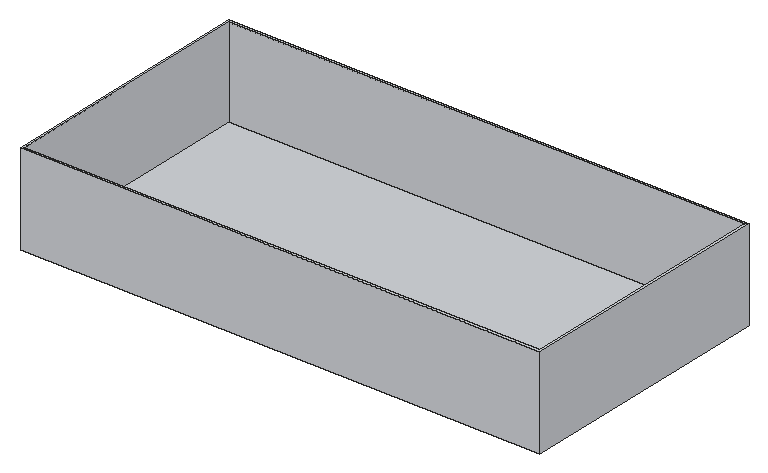
Revit family "Hager-Panelboard_800A_Cable_Spreader-empty-UK-en", category Electrical Equipment, host Face, Revit 2020
Family settings
  Host = Face
  Panel Configuration = Two Columns, Circuits Across
  Round Connector Dimension = Use Diameter
  Part Type = Panelboard
  Cut with Voids When Loaded = No
  Shared = No
  Room Calculation Point = No
Parameters (values of type "Surface mounted P2XC W900 H450 D158 0 Modular spacings - JF806E")
  Width Control [instance] = if([HG000006 - Flush mounted], if([EF000846 - Built-in width] > min_whd, [EF000846 - Built-in width], min_whd), if([EF000008 - Width] > min_whd, ([EF000008 - Width]), min_whd))  # 900 mm
  Void Depth [instance] = if([HG000006 - Flush mounted], Depth Control, 1 mm)  # 1 mm
  Type Comments = [HG000003 - Range]  # "Panelboards"
  System Height [instance] = Height Control - 2 * [HG000005 - Thickness]  # 444 mm
  Model = [HG000004 - Manufacturer reference]  # "JF806E"
  HG000017 - Distance between poles = 18 mm
  HG000016 - Door 3d visibility [instance] = yes
  HG000015 - Clearance visibility [instance] = no
  HG000014 - Door on the right [instance] = yes
  HG000013 - Door on the left [instance] = not([HG000014 - Door on the right])  # no
  HG000012 - Door swing angle [instance] = 45.00°
  HG000011 - Empty rows from bottom = no
  HG000010 - Asymmetric doors = no
  HG000009 - Double swing door = no
  HG000008 - Number of empty rows = 0
  HG000007 - Number of empty columns = 0
  HG000006 - Flush mounted = no
  HG000005 - Thickness = 3 mm  # constant formula
  HG000004 - Manufacturer reference = "JF806E"
  HG000003 - Range = "Panelboards"
  HG000002 - With door or cover = no
  HG000001 - Number of columns = 0
  EF015941 - Signal passing door = no
  EF015777 - Neutral terminal block = yes
  EF015776 - Earthing terminal block = yes
  EF009212 - Cover model = ""
  EF006306 - With lock = yes
  EF006244 - Transparent cover/door = no
  EF005474 - Degree of protection (IP) = "EV009848 - IP2XC"
  EF004462 - Type of closure = "EV001412 - Cylinder"
  EF002950 - Width in number of modular spacings = 0
  EF001596 - Material housing = "EV000179 - Steel"
  EF001134 - DIN-rail = no
  EF001131 - Internal depth = 0 mm
  EF001088 - Extension possible = no
  EF001062 - EMC-version = no
  EF000846 - Built-in width = 0 mm
  EF000339 - Type of cover = "EV004216 - Door"
  EF000332 - Built-in height = 0 mm
  EF000266 - Number of rows = 0
  EF000218 - Built-in depth = 0 mm
  EF000118 - With mounting plate = no
  EF000116 - RAL-number = ""
  EF000049 - Depth = 158 mm
  EF000040 - Height = 450 mm
  EF000008 - Width = 900 mm
  EF000007 - Colour = "EV000154 - Other"
  EF000003 - Mounting method = "EV000384 - Surface mounted (plaster)"
  Arrow Offset [instance] = Depth Control / 8  # 19.75 mm
  Arrow Height [instance] = Depth Control - Arrow Offset  # 138.25 mm
  Host Offset [instance] = if([HG000006 - Flush mounted], 0 mm, [EF000049 - Depth])  # 158 mm
  min_whd [instance] = (2 * [HG000005 - Thickness]) + 1 mm  # 7 mm
  Manufacturer = "Hager"  # constant formula
  Height Control [instance] = if([HG000006 - Flush mounted], if([EF000332 - Built-in height] > min_whd, [EF000332 - Built-in height], min_whd), if([EF000040 - Height] > min_whd, ([EF000040 - Height]), min_whd))  # 450 mm
  Flush Mounted - Door Frame Width [instance] = if(([EF000040 - Height] - [EF000332 - Built-in height]) > 0 mm, if([HG000006 - Flush mounted], [EF000040 - Height] - [EF000332 - Built-in height], 0 mm), 0 mm)  # 0 mm
  Depth Control [instance] = if([HG000006 - Flush mounted], if([EF000218 - Built-in depth] > 0 mm, [EF000218 - Built-in depth], 1 mm), if([EF000049 - Depth] > 0 mm, ([EF000049 - Depth]), 1 mm))  # 158 mm
  Default Elevation = 0 mm
Types (2, lengths in mm): name | System Height | Model | HG000004 - Manufacturer reference | EF001088 - Extension possible | EF000339 - Type of cover | EF000040 - Height | Height Control
  Surface mounted P2XC W900 H300 D158  Modular spacings - JF805E | 294 | "JF805E" | "JF805E" | yes | "EV001012 - Cover" | 300 | 300
  Surface mounted P2XC W900 H450 D158 0 Modular spacings - JF806E | 444 | "JF806E" | "JF806E" | no | "EV004216 - Door" | 450 | 450
Reference planes
  plane 1 "Center (Front/Back)": y = 0
  plane 2: z = 0
  plane 3 "Center (Left/Right)": x = 0
  plane 4: z = 158
  plane 5: y = 3
  plane 6: z = 153
  plane 7: y = 225
  plane 8: y = 0
  plane 9: y = 450
  plane 10: z = 0
  plane 11: x = -450
  plane 12: x = 450
  plane 13: x = 447
  plane 14: x = -447
  plane 15: y = 447
  plane 16: z = 3
  plane 17: z = 155
  plane 18: z = -1
  plane 19: z = 155
Forms (mm)
  Extrusion 1, solid
    sketch origin (-583.045, 0, 1219.2) x (-1, 0, 0) y (0, 0, 1)
      loop
        line (-133.045, -1061.2) -> (-1033.045, -1061.2) -> (-1033.045, -1219.2) -> (-133.045, -1219.2) -> (-133.045, -1061.2)
    from 0 to 450 <- "Height Control"
  Extrusion 2, void
    sketch origin (-381.607, -4572, 158) x (0, -1, 0) y (-1, 0, 0)
      loop
        line (-5019, 65.393) -> (-5019, -828.607) -> (-4575, -828.607) -> (-4575, 65.393) -> (-5019, 65.393)
    from 0 to 155
  Extrusion 3, void
    sketch origin (0, 0, 0) x (1, 0, 0) y (0, 1, 0)
      loop
        line (-450, 0) -> (450, 0) -> (450, 450) -> (-450, 450) -> (-450, 0)
    from -1 to 1
  Extrusion 4, solid, detail levels coarse+medium
    sketch origin (-381.607, -4572, 158) x (-1, 0, 0) y (0, -1, 0)
      loop
        line (65.393, -5019) -> (65.393, -4575) -> (-828.607, -4575) -> (-828.607, -5019) -> (65.393, -5019)
    from 0 to -3
Cuts and joins
  Extrusion 2 cuts Extrusion 1
Dimensions and locks
  plane 4 to plane 6 = 5 mm
  "Host Offset": plane 4 to host face
  "Flush Mounted - Door Frame Width": plane 1 "Center (Front/Back)" to plane 8
  "HG000005 - Thickness": plane 5 to plane 8
  locked: connector elem to plane 3 "Center (Left/Right)"
  "Height Control": plane 9 to plane 8
  equal spacing: plane 9, plane 7, plane 8
  locked: connector elem to plane 7
  "Depth Control": plane 4 to plane 10
  "HG000005 - Thickness": plane 11 to plane 14
  "HG000005 - Thickness": plane 12 to plane 13
  equal spacing: plane 11, plane 3 "Center (Left/Right)", plane 12
  "Width Control": plane 11 to plane 12
  "Arrow Offset": nested 4 to plane 10
  "HG000005 - Thickness": plane 9 to plane 15
  "HG000005 - Thickness": plane 16 to plane 10
  "HG000005 - Thickness": plane 4 to plane 17
  "Void Depth": plane 2 to plane 18
  "HG000005 - Thickness": plane 4 to plane 19
  aligned and locked: plane 2 to host face
  aligned and locked: level to host face
  aligned and locked: plane 3 "Center (Left/Right)" to nested 2
  aligned and locked: nested 2 to plane 4
  aligned and locked: nested 2 to plane 8
  aligned and locked: nested 1 to plane 6
  aligned and locked: nested 1 to plane 5
  aligned and locked: nested 4 to plane 11
  aligned and locked: nested 3 to plane 4
  aligned and locked: Extrusion 1 sketch curve to plane 12
  aligned and locked: Extrusion 1 sketch curve to plane 11
  aligned and locked: nested 3 to plane 10
  aligned and locked: plane 10 to Extrusion 1 sketch curve
  aligned and locked: Extrusion 2 sketch curve to plane 5
  aligned and locked: Extrusion 2 sketch curve to plane 15
  aligned and locked: Extrusion 2 sketch curve to plane 14
  aligned and locked: Extrusion 2 sketch curve to plane 13
  aligned and locked: plane 11 to Extrusion 3 sketch curve
  aligned and locked: plane 9 to Extrusion 3 sketch curve
  aligned and locked: Extrusion 3 sketch curve to plane 8
  aligned and locked: plane 12 to Extrusion 3 sketch curve
  aligned and locked: nested 3 to plane 12
  aligned and locked: Extrusion 3 to plane 18
  aligned and locked: Extrusion 2 to plane 16
  aligned and locked: Extrusion 1 sketch curve to plane 4
  aligned and locked: Extrusion 4 to plane 17
  aligned and locked: Extrusion 4 sketch curve to plane 15
  aligned and locked: Extrusion 4 sketch curve to plane 13
  aligned and locked: Extrusion 4 sketch curve to plane 14
  aligned and locked: Extrusion 4 sketch curve to plane 5
Automatic sketch dimensions
  host sketch curve to host sketch curve = 1469.727 mm
  host sketch curve to host sketch curve = 1434.803 mm
Nested families
  nested 1: "Hager_Enclosure_System" at (0, 3, 153) x (1, 0, 0) z (0, 1, 0), Depth <- "HG000005 - Thickness", Height <- "System Height", Width <- "EF000008 - Width", Border <- "HG000005 - Thickness", Flush_Mounted <- "HG000006 - Flush mounted", Built-in_Width <- "EF000846 - Built-in width", Row_Module_Multiplicator <- "EF002950 - Width in number of modular spacings", Total_No_Empty_Rows <- "HG000008 - Number of empty rows", Total_No_Rows <- "EF000266 - Number of rows", Empty_Columns <- "HG000007 - Number of empty columns", Width_Control <- "Width Control", Empty_Rows_From_Bottom <- "HG000011 - Empty rows from bottom", Distance_Between_Poles <- "HG000017 - Distance between poles", Rows_Count <- "EF000266 - Number of rows", Columns_Count <- "HG000001 - Number of columns", type "Hager_Enclosure_System", detail levels fine
    with Width_Control 900 mm, Width 900 mm, Total_No_Rows 0, Total_No_Empty_Rows 0, Total_No_Columns 1, System_Width 894 mm, Rows_Count 0, Rows_Column 0, Row_Module_Multiplicator 0, Panel_4 no, Panel_3 no, Panel_2 no, Panel_1 no, No_Panels_Ctrl 1, Hide_Columns yes, Height 444 mm, Flush_Mounted no, Empty_Rows_From_Bottom no, Empty_Rows_Column 0, Empty_Columns 0, Distance_Between_Poles 18 mm, Depth 3 mm, Columns_Count 0, Column_Width 894 mm, Built-in_Width 0 mm, Border 3 mm
  nested 2: "Hager_Enclosure_Door" at (0, 0, 158) x (1, 0, 0) z (0, 1, 0), Border <- "HG000005 - Thickness", Door_Right <- "HG000014 - Door on the right", Flush_Mounted <- "HG000006 - Flush mounted", Depth <- "EF000049 - Depth", Width <- "EF000008 - Width", Door_Left <- "HG000013 - Door on the left", 3d_Door <- "HG000016 - Door 3d visibility", BuiltIn_Width <- "EF000846 - Built-in width", BuiltIn_Height <- "EF000332 - Built-in height", BuiltIn_Depth <- "EF000218 - Built-in depth", Angle <- "HG000012 - Door swing angle", Assymetrical <- "HG000010 - Asymmetric doors", Double <- "HG000009 - Double swing door", Clearance <- "HG000015 - Clearance visibility", Transparent <- "EF006244 - Transparent cover/door", Door <- "HG000002 - With door or cover", Height_Ctrl <- "Height Control", Width_Ctrl <- "Width Control", Height <- "EF000040 - Height", type "Hager_Enclosure_Door", detail levels medium+fine
    with min_wh 7 mm, Width_Ctrl 900 mm, Width 900 mm, Transparent_Door_No_Bottom_Border no, Transparent no, Leaf_Width 891 mm, Leaf_Tolerance 1.5 mm, Leaf_Height 441 mm, Leaf_2_Width 891 mm, Leaf_2_Offset 445.5 mm, Leaf_1_Width 891 mm, Leaf_1_Offset 445.5 mm, Height_Ctrl 450 mm, Height 450 mm, Frame_Width_Ctrl 900 mm, Frame_Width 900 mm, Frame_Internal_Offset 0 mm, Frame_Height_Ctrl 450 mm, Frame_Height 450 mm, Frame_Depth_Ctrl 1 mm, Frame_Depth 0 mm, Flush_Mounted no, Double_Clearance_Ctrl no, Double no, Door_Right_Ctrl no, Door_Right yes, Door_Left_Ctrl no, Door_Left no, Door no, Depth 158 mm, Clearance_Depth 891 mm, Clearance_Ctrl no, Clearance no, BuiltIn_Width 0 mm, BuiltIn_Height 0 mm, BuiltIn_Depth 0 mm, Border 3 mm, Assymetrical no, Angle 45.00°, 3d_Door yes
  nested 3: "Hager_Enclosure_Symbol_Triangle" at (-450, 0, 0) x (1, 0, 0) z (0, -1, 0), Depth <- "Depth Control", Width <- "Width Control", type "Hager_Enclosure_Symbol_Triangle"
    with Width_Ctrl 900 mm, Width 900 mm, Depth_Ctrl 158 mm, Depth 158 mm
  nested 4: "Hager_Enclosure_Symbol_Arrow" at (-450, 0, 19.75) x (1, 0, 0) z (0, -1, 0), Height <- "Arrow Height", type "Hager_Enclosure_Symbol_Arrow"
    with Width_Inside 10.369 mm, Width 124.425 mm, Height_Ctrl 138.25 mm, Height 138.25 mm
Connectors
  electrical at (0, 225, 0)
    settings: on plane 10, index 1, voltage 0 V, apparent load 0 VA, apparent load phase1 0 VA, apparent load phase2 0 VA, apparent load phase3 0 VA, power factor 1, load classification "Other", number of poles 1, system type 30, power factor state 1, is connector primary yes, connector utility no, sub classification motor no, connector description ""
Definition of nested family "Hager_Enclosure_Door"
  Parameters (values of type "Hager_Enclosure_Door")
    min_wh [instance] = (2 * Border) + 1 mm  # 11 mm
    Width_Ctrl [instance] = 400 mm
    Width [instance] = 500 mm
    Transparent_Door_No_Bottom_Border [instance] = no
    Transparent [instance] = yes
    Leaf_Width [instance] = if((Width_Ctrl - 2 * Border - 2 * Leaf_Tolerance) > 0 mm, (Width_Ctrl - 2 * Border - 2 * Leaf_Tolerance), min_wh)  # 387 mm
    Leaf_Tolerance [instance] = 1.5 mm  # constant formula
    Leaf_Height [instance] = if((Height_Ctrl - 2 * Border - 2 * Leaf_Tolerance) > 0 mm, (Height_Ctrl - 2 * Border - 2 * Leaf_Tolerance), min_wh)  # 387 mm
    Leaf_2_Width [instance] = if(and(and(Double, Assymetrical), Door_Left), (Leaf_Width / 3) - (Leaf_Tolerance / 2), if(and(and(Double, Assymetrical), Door_Right), (Leaf_Width / 3) * 2 - (Leaf_Tolerance / 2), if(and(Double, not(Assymetrical)), (Leaf_Width / 2) - Leaf_Tolerance, Leaf_Width)))  # 387 mm
    Leaf_2_Offset [instance] = if(and(Double, Assymetrical), Leaf_2_Width / 2, if(and(Double, not(Assymetrical)), Leaf_Width / 4, Leaf_Width / 2))  # 193.5 mm
    Leaf_1_Width [instance] = if(and(and(Double, Assymetrical), Door_Right), (Leaf_Width / 3) - (Leaf_Tolerance / 2), if(and(and(Double, Assymetrical), Door_Left), (Width / 3) * 2 - (Leaf_Tolerance / 2), if(and(Double, not(Assymetrical)), (Leaf_Width / 2) - Leaf_Tolerance, Leaf_Width)))  # 387 mm
    Leaf_1_Offset [instance] = if(and(Double, Assymetrical), Leaf_1_Width / 2, if(and(Double, not(Assymetrical)), Leaf_Width / 4, Leaf_Width / 2))  # 193.5 mm
    Height_Ctrl [instance] = 400 mm
    Height [instance] = 500 mm
    Frame_Width_Ctrl [instance] = if(Frame_Width > 0 mm, Frame_Width, 1 mm)  # 1 mm
    Frame_Width [instance] = Width - BuiltIn_Width  # 0 mm
    Frame_Internal_Offset [instance] = if(Flush_Mounted, Border, 0 mm)  # 5 mm
    Frame_Height_Ctrl [instance] = if(Frame_Height > 0 mm, Frame_Height, 1 mm)  # 1 mm
    Frame_Height [instance] = Height - BuiltIn_Height  # 0 mm
    Frame_Depth_Ctrl [instance] = if(Frame_Depth > 0 mm, Frame_Depth, 1 mm)  # 1 mm
    Frame_Depth [instance] = if(Depth - BuiltIn_Depth > 0 mm, if(Flush_Mounted, Depth - BuiltIn_Depth, 0 mm), 0 mm)  # 0 mm
    Flush_Mounted [instance] = yes
    Double_Clearance_Ctrl [instance] = and(Double, Clearance)  # no
    Double [instance] = no
    Door_Right_Ctrl [instance] = and(or(Door_Right, Double), Door)  # yes
    Door_Right [instance] = yes
    Door_Left_Ctrl [instance] = and(or(Door_Left, Double), Door)  # no
    Door_Left [instance] = no
    Door [instance] = yes
    Depth [instance] = 500 mm
    Default Elevation = 1219.2 mm
    Clearance_Material = none
    Clearance_Depth [instance] = if(Leaf_1_Width > Leaf_2_Width, Leaf_1_Width, Leaf_2_Width)  # 387 mm
    Clearance_Ctrl [instance] = and(not(Double), Clearance)  # yes
    Clearance [instance] = yes
    BuiltIn_Width [instance] = 500 mm
    BuiltIn_Height [instance] = 500 mm
    BuiltIn_Depth [instance] = 500 mm
    Border [instance] = 5 mm
    Assymetrical [instance] = yes
    Angle [instance] = 30.00°
    3d_Door [instance] = yes
  Reference planes
    plane 1 "Center (Front/Back)": y = 0
    plane 2 "Bottom": z = 0
    plane 3 "Center (Left/Right)": x = 0
    plane 4: z = 400
    plane 5: x = -200
    plane 6: x = 200
    plane 7: z = 395
    plane 8: x = -195
    plane 9: z = 5
    plane 10: x = 195
    plane 11: y = 0
    plane 12: z = 6.5
    plane 13: x = -582
    plane 14: y = -387
    plane 15: x = 582
    plane 16: x = 0
    plane 17: x = 0
    plane 18: x = -193.5
    plane 19: x = 193.5
    plane 20: z = 393.5
  Forms (mm)
    Extrusion 1, solid, visible <- "Flush_Mounted"
      sketch origin (0, 0, 0) x (1, 0, 0) y (0, 0, 1)
        loop
          line (195, 5) -> (195, 395) -> (-195, 395) -> (-195, 5) -> (195, 5)
        loop
          line (-201, 401) -> (-201, -1) -> (201, -1) -> (201, 401) -> (-201, 401)
      from 0 to 1 <- "Frame_Depth_Ctrl"
    Extrusion 2, solid, material <- "Clearance_Material", visible <- "Double_Clearance_Ctrl"
      sketch origin (1200, 0, 0) x (1, 0, 0) y (0, 0, -1)
        loop
          line (-1782, -393.5) -> (-618, -393.5) -> (-618, 0) -> (-1782, 0) -> (-1782, -393.5)
      from 0 to -387
  Dimensions and locks
    equal spacing: plane 5, plane 3 "Center (Left/Right)", plane 6
    "Width_Ctrl": plane 5 to plane 6
    "Border": plane 5 to plane 8
    "Border": plane 6 to plane 10
    "Border": plane 9 to level
    "Border": plane 4 to plane 7
    "Height_Ctrl": plane 4 to level
    "Leaf_Tolerance": plane 12 to plane 9
    "Frame_Depth": plane 11 to plane 1 "Center (Front/Back)"
    "Frame_Width_Ctrl": plane 5 to Extrusion 1 sketch curve
    "Frame_Width_Ctrl": plane 6 to Extrusion 1 sketch curve
    "Frame_Width_Ctrl": Extrusion 1 sketch curve to plane 4
    "Frame_Width_Ctrl": plane 2 "Bottom" to Extrusion 1 sketch curve
    "Leaf_1_Offset": plane 18 to plane 16
    "Leaf_2_Offset": plane 17 to plane 19
    "Leaf_1_Width": plane 13 to plane 8
    "Leaf_2_Width": plane 10 to plane 15
    "Clearance_Depth": plane 14 to plane 1 "Center (Front/Back)"
    "Leaf_Tolerance": plane 8 to plane 18
    "Leaf_Tolerance": plane 19 to plane 10
    "Leaf_Tolerance": plane 7 to plane 20
    "Frame_Internal_Offset": plane 5 to Extrusion 1 sketch curve
    "Frame_Internal_Offset": Extrusion 1 sketch curve to plane 2 "Bottom"
    "Frame_Internal_Offset": plane 6 to Extrusion 1 sketch curve
    "Frame_Internal_Offset": plane 4 to Extrusion 1 sketch curve
    aligned and locked: level to plane 2 "Bottom"
    aligned and locked: nested 1 to plane 16
    aligned and locked: nested 2 to plane 17
    aligned and locked: Extrusion 2 to plane 13
    aligned and locked: plane 15 to Extrusion 2
    aligned and locked: Extrusion 2 to plane 14
    aligned and locked: plane 12 to nested 1
    aligned and locked: nested 2 to plane 12
    aligned and locked: Extrusion 2 to plane 11
    aligned and locked: plane 20 to Extrusion 2
    aligned and locked: nested 2 to plane 11
    aligned and locked: nested 1 to plane 11
  Automatic sketch dimensions
    Extrusion 2 sketch curve to level = 0 mm
    plane 5 to Extrusion 2 sketch curve = 382 mm
    plane 6 to Extrusion 2 sketch curve = 382 mm
    Extrusion 2 sketch curve to plane 4 = 6.5 mm
  Nested families
    nested 1: "Hager_Enclosure_Door_Leaf" at (0, 0, 6.5), Width <- "Leaf_1_Width", visible <- "Door_Left_Ctrl", Leaf_Height <- "Leaf_Height", Angle <- "Angle", Depth <- "Border", 3d_Door <- "3d_Door", Transparent <- "Transparent", Clearance Material <- "Clearance_Material", Clearance <- "Clearance_Ctrl", Transparent_Door_No_Bottom_Border <- "Transparent_Door_No_Bottom_Border", type "Hager_Enclosure_Door_Leaf"
      with Width 387 mm, Transparent_Door_No_Bottom_Border no, Transparent_Door_Border_Bottom_Top 25 mm, Transparent_Door_Border 25 mm, Transparent_Ctrl yes, Transparent yes, Standard no, Leaf_Height 387 mm, Glass_Offset 1 mm, Depth 5 mm, Clearance Material none, Clearance yes, Angle_Ctrl 30.00°, Angle 30.00°, 3d_Door yes
    nested 2: "Hager_Enclosure_Door_Leaf" at (0, 0, 6.5) x (-1, 0, 0) z (0, 0, 1), Width <- "Leaf_2_Width", visible <- "Door_Right_Ctrl", Leaf_Height <- "Leaf_Height", Angle <- "Angle", Depth <- "Border", 3d_Door <- "3d_Door", Transparent <- "Transparent", Clearance Material <- "Clearance_Material", Clearance <- "Clearance_Ctrl", Transparent_Door_No_Bottom_Border <- "Transparent_Door_No_Bottom_Border", type "Hager_Enclosure_Door_Leaf"
      with Width 387 mm, Transparent_Door_No_Bottom_Border no, Transparent_Door_Border_Bottom_Top 25 mm, Transparent_Door_Border 25 mm, Transparent_Ctrl yes, Transparent yes, Standard no, Leaf_Height 387 mm, Glass_Offset 1 mm, Depth 5 mm, Clearance Material none, Clearance yes, Angle_Ctrl 30.00°, Angle 30.00°, 3d_Door yes
  Definition of nested family "Hager_Enclosure_Door_Leaf"
    Parameters (values of type "Hager_Enclosure_Door_Leaf")
      Width [instance] = 2000 mm
      Transparent_Door_No_Bottom_Border [instance] = yes
      Transparent_Door_Border_Bottom_Top [instance] = if(Transparent_Door_No_Bottom_Border, 0.1 mm, Transparent_Door_Border)  # 0.1 mm
      Transparent_Door_Border [instance] = if(Transparent_Door_No_Bottom_Border, (Width * 0.12), 25 mm)  # 240 mm
      Transparent_Ctrl [instance] = and(Transparent, [3d_Door])  # yes
      Transparent [instance] = yes
      Standard [instance] = and(not(Transparent), [3d_Door])  # no
      Leaf_Height [instance] = 2720.336 mm
      Glass_Offset [instance] = if((Depth - 10 mm) / 2 > 0 mm, (Depth - 10 mm) / 2, 1 mm)  # 15 mm
      Glass_Material = none
      Depth [instance] = 40 mm
      Default Elevation = 0 mm
      Clearance Material [instance] = none
      Clearance [instance] = yes
      Angle_Ctrl [instance] = if(Angle > 170.00°, 170.00°, Angle)  # 45.00°
      Angle [instance] = 45.00°
      3d_Door [instance] = yes
    Reference planes
      plane 1 "Center (Front/Back)": y = 0
      plane 2: z = 0
      plane 3 "Center (Left/Right)": x = 0
      plane 4: y = 2000
      plane 5: x = -1000
      plane 6: x = 1000
      plane 7: x = -3000
      plane 8: z = 2720.336
      plane 9: z = 0.1
      plane 10: z = 2720.236
      plane 11: x = 760
      plane 12: x = -760
    Forms (mm)
      Extrusion 1, solid, material <- "Clearance Material", visible <- "Clearance"
        sketch origin (0, 0, 0) x (1, 0, 0) y (0, 0, 1)
          loop
            line (-3000, 2720.336) -> (-3000, 0) -> (1000, 0) -> (1000, 2720.336) -> (-3000, 2720.336)
        from 0 to -2000
      Extrusion 2, solid, visible <- "Standard", detail levels medium+fine
        sketch origin (-1000, 0, 0) x (0.707107, 0.707107, 0) y (-0.707107, 0.707107, 0)
          loop
            line (0, -40) -> (2000, -40) -> (2000, 0) -> (0, 0) -> (0, -40)
        from 0 to 2720.336 <- "Leaf_Height"
      Extrusion 3, solid, visible <- "Transparent_Ctrl", detail levels medium+fine
        sketch origin (-1000, 0, 0) x (0.707107, 0.707107, 0) y (-0.707107, 0.707107, 0)
          loop
            line (0, -40) -> (2000, -40) -> (2000, 0) -> (0, 0) -> (0, -40)
        from 0 to 2720.336 <- "Leaf_Height"
      Extrusion 4, void, detail levels medium+fine
        sketch origin (-1000, 0, 0) x (-0.707107, 0.707107, 0) y (0.707107, 0.707107, 0)
          loop
            line (0, 240) -> (0, 1760) -> (-40, 1760) -> (-40, 240) -> (0, 240)
        from -2720.236 to -0.1
      Extrusion 5, solid, material <- "Glass_Material", visible <- "Transparent_Ctrl", detail levels medium+fine
        sketch origin (-1000, 0, 0) x (0.707107, 0.707107, 0) y (-0.707107, 0.707107, 0)
          loop
            line (240, -15) -> (240, -25) -> (1760, -25) -> (1760, -15) -> (240, -15)
        from 0.1 to 2720.236
    Cuts and joins
      Extrusion 4 cuts Extrusion 3
    Lines and regions (mm)
      symbolic lines
        curve 1: line (1000, 0, 0) -> (-3000, 0, 0)
        curve 2: arc (1000, 0, 0) -> (-1000, 2000, 0) -> (-3000, 0, 0) r 2000
        curve 4: line (-1000, 0, 0) -> (414.214, 1414.214, 0)
      reference lines
        curve 3: line (-1000, 0, 0) -> (414.214, 1414.214, 0)
      symbolic lines, detail levels medium+fine
        curve 5: line (414.214, 1414.214, 0) -> (442.498, 1385.929, 0)
        curve 6: line (442.498, 1385.929, 0) -> (-971.716, -28.284, 0)
        curve 7: line (-971.716, -28.284, 0) -> (-1000, 0, 0)
        curve 8: line (-1000, 0, 2720.336) -> (1000, 0, 2720.336)
        curve 9: line (-1000, 0, 0) -> (-1000, 0, 2720.336)
        curve 10: line (1000, 0, 0) -> (-1000, 0, 0)
        curve 11: line (1000, 0, 2720.336) -> (1000, 0, 0)
      symbolic lines, visible <- "Transparent_Ctrl", detail levels medium+fine
        curve 12: line (-760, 0, 2720.236) -> (760, 0, 2720.236)
        curve 13: line (-760, 0, 0.1) -> (-760, 0, 2720.236)
        curve 14: line (760, 0, 0.1) -> (-760, 0, 0.1)
        curve 15: line (760, 0, 2720.236) -> (760, 0, 0.1)
    Dimensions and locks
      "Width": plane 1 "Center (Front/Back)" to plane 4
      equal spacing: plane 5, plane 3 "Center (Left/Right)", plane 6
      "Width": plane 5 to plane 6
      "Width": plane 7 to plane 5
      "Leaf_Height": plane 8 to level
      "Depth": curve 6 to curve 3
      "Width": curve 5 to curve 3
      "Width": curve 3 to curve 3
      "Transparent_Door_Border": Extrusion 4 sketch curve to curve 7
      "Transparent_Door_Border": Extrusion 4 sketch curve to curve 5
      "Transparent_Door_Border_Bottom_Top": plane 8 to plane 10
      "Transparent_Door_Border_Bottom_Top": plane 9 to level
      "Glass_Offset": Extrusion 5 sketch curve to curve 4
      "Glass_Offset": Extrusion 5 sketch curve to curve 6
      "Transparent_Door_Border": Extrusion 5 sketch curve to curve 5
      "Transparent_Door_Border": Extrusion 5 sketch curve to curve 7
      "Transparent_Door_Border": plane 12 to plane 5
      "Transparent_Door_Border": plane 6 to plane 11
      "Angle_Ctrl": angle plane 1 "Center (Front/Back)" to curve 3
      aligned and locked: level to plane 2
      aligned and locked: Extrusion 1 to curve 1
      aligned and locked: plane 6 to Extrusion 1
      aligned and locked: Extrusion 1 to plane 1 "Center (Front/Back)"
      aligned and locked: plane 4 to Extrusion 1
      aligned and locked: plane 8 to Extrusion 1
      aligned and locked: curve 4 to curve 3
      aligned and locked: Extrusion 2 sketch curve to curve 7
      aligned and locked: Extrusion 2 sketch curve to curve 6
      aligned and locked: Extrusion 2 sketch curve to curve 5
      aligned and locked: Extrusion 2 sketch curve to curve 3
      aligned and locked: curve 7 to Extrusion 3 sketch curve
      aligned and locked: Extrusion 3 sketch curve to curve 4
      aligned and locked: Extrusion 3 sketch curve to curve 6
      aligned and locked: Extrusion 3 sketch curve to curve 5
      aligned and locked: curve 4 to Extrusion 4 sketch curve
      aligned and locked: curve 6 to Extrusion 4 sketch curve
      aligned and locked: Extrusion 4 to plane 9
      aligned and locked: Extrusion 4 to plane 10
      aligned and locked: Extrusion 5 to plane 9
      aligned and locked: Extrusion 5 to plane 10
      aligned and locked: curve 8 to plane 8
      aligned and locked: plane 5 to curve 9
      aligned and locked: plane 2 to curve 10
      aligned and locked: curve 11 to plane 6
      aligned and locked: plane 10 to curve 12
      aligned and locked: plane 12 to curve 13
      aligned and locked: curve 14 to plane 9
      aligned and locked: plane 11 to curve 15
    Automatic sketch dimensions
      plane 1 "Center (Front/Back)" to curve 2 = 0 mm
      curve 2 to plane 5 = 0 mm
      Extrusion 1 sketch curve to level = 0 mm
      Extrusion 1 sketch curve to plane 7 = 0 mm
      Extrusion 1 sketch curve to plane 6 = 0 mm
      Extrusion 1 sketch curve to plane 8 = 0 mm
      plane 1 "Center (Front/Back)" to curve 3 = 0 mm
      curve 3 to plane 5 = 0 mm
      curve 7 to curve 3 = 0 mm
Definition of nested family "Hager_Enclosure_Symbol_Triangle"
  Parameters (values of type "Hager_Enclosure_Symbol_Triangle")
    Width_Ctrl [instance] = if(Width > 1 mm, Width, 1 mm)  # 498 mm
    Width [instance] = 498 mm
    Depth_Ctrl [instance] = if(Depth > 1 mm, Depth, 1 mm)  # 72 mm
    Depth [instance] = 72 mm
  Reference planes
    plane 1 "Centre (avant/arrière)": y = 0
    plane 2: z = 0
    plane 3 "Centre (gauche/droite)": x = 0
  Lines and regions (mm)
    Filled region 1, type "Solid_Black", in view "Niveau de réf."
      outline origin (0, 0, 0) x (1, 0, 0) y (0, 1, 0)
        loop
          line (0, 0) -> (498, 0) -> (498, 72) -> (0, 0)
    reference lines, in view "Niveau de réf."
      curve 1: line (-206.153, 72, 0) -> (1083.258, 72, 0)
      curve 2: line (498, 405.456, 0) -> (498, -517.619, 0)
  Dimensions and locks
    "Depth_Ctrl": plane 1 "Centre (avant/arrière)" to curve 1
    "Width_Ctrl": plane 3 "Centre (gauche/droite)" to curve 2
    aligned and locked: curve 1 to Filled region 1 sketch curve
    aligned and locked: Filled region 1 sketch curve to plane 1 "Centre (avant/arrière)"
    aligned and locked: curve 2 to Filled region 1 sketch curve
    aligned and locked: plane 3 "Centre (gauche/droite)" to Filled region 1 sketch curve
    aligned and locked: plane 1 "Centre (avant/arrière)" to Filled region 1 sketch curve
  Automatic sketch dimensions
    curve 1 to plane 3 "Centre (gauche/droite)" = 206.153 mm
    curve 2 to curve 1 = 585.258 mm
    plane 1 "Centre (avant/arrière)" to curve 2 = 517.619 mm
    curve 2 to plane 1 "Centre (avant/arrière)" = 405.456 mm
Definition of nested family "Hager_Enclosure_Symbol_Arrow"
  Parameters (values of type "Hager_Enclosure_Symbol_Arrow")
    Width_Inside [instance] = if(Width / 12 > 2 mm, Width / 12, 2 mm)  # 4.987 mm
    Width [instance] = if(Height_Ctrl * 0.9 > 2 mm, Height_Ctrl * 0.9, 2 mm)  # 59.85 mm
    Height_Ctrl [instance] = if(Height > 2 mm, Height, 2 mm)  # 66.5 mm
    Height [instance] = 66.5 mm
  Reference planes
    plane 1 "Centre (avant/arrière)": y = 0
    plane 2: z = 0
    plane 3 "Centre (gauche/droite)": x = 0
    plane 4: x = 59.85
    plane 5: y = 28.263
    plane 6: y = 38.238
    plane 7: y = 66.5
    plane 8: x = 29.925
    plane 9: y = 33.25
  Lines and regions (mm)
    Filled region 1, type "Solid_Black", in view "Niveau de réf."
      outline origin (0, 0, 0) x (1, 0, 0) y (0, 1, 0)
        loop
          line (59.85, 66.5) -> (37.929, 52.827) -> (51.846, 41.935) -> (59.85, 66.5)
    detail lines, in view "Niveau de réf."
      curve 1: line (0, 0, 0) -> (29.925, 38.238, 0)
      curve 2: line (29.925, 38.238, 0) -> (29.925, 28.263, 0)
      curve 3: line (29.925, 28.263, 0) -> (59.85, 66.5, 0)
  Dimensions and locks
    "Width": plane 3 "Centre (gauche/droite)" to plane 4
    "Height_Ctrl": plane 7 to plane 1 "Centre (avant/arrière)"
    equal spacing: plane 3 "Centre (gauche/droite)", plane 8, plane 4
    equal spacing: plane 7, plane 9, plane 1 "Centre (avant/arrière)"
    equal spacing: plane 6, plane 9, plane 5
    "Width_Inside": plane 6 to plane 9
    equal spacing: curve 3, Filled region 1 sketch curve, Filled region 1 sketch curve
    angle Filled region 1 sketch curve to curve 3 = 20.00°
    angle curve 3 to Filled region 1 sketch curve = 20.00°
    locked: curve 3 to Filled region 1 sketch curve (angle 90.00°)
  Automatic sketch dimensions
    plane 1 "Centre (avant/arrière)" to curve 1 = 0 mm
    curve 1 to plane 3 "Centre (gauche/droite)" = 0 mm
    curve 2 to plane 6 = 0 mm
    curve 3 to plane 8 = 0 mm
    curve 3 to plane 4 = 0 mm
    curve 2 to plane 5 = 0 mm
    curve 3 to plane 7 = 0 mm
    Filled region 1 sketch curve to plane 4 = 0 mm
    Filled region 1 sketch curve to plane 7 = 0 mm
